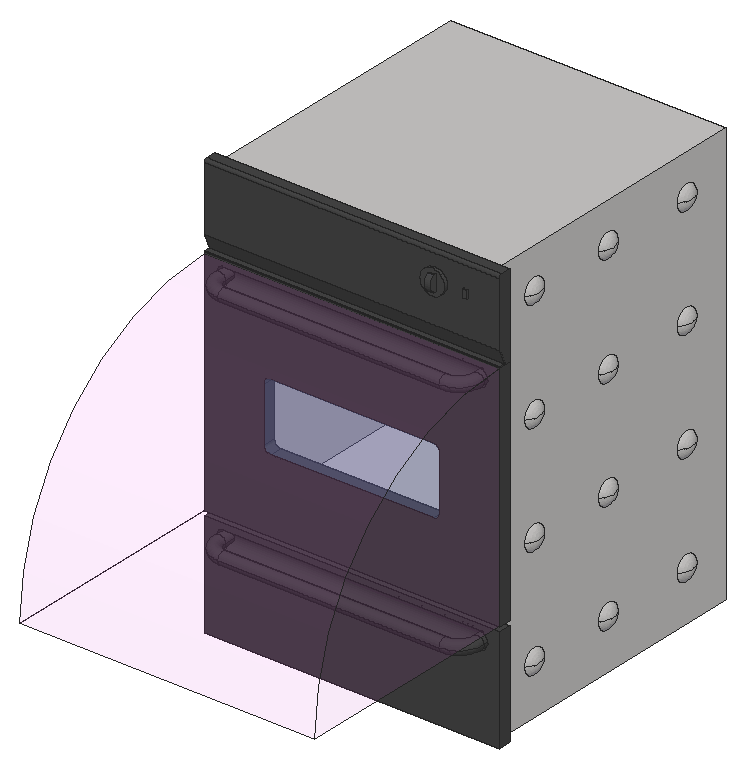
Revit family "QF_Summit_TTM7212KW_Oven", category Specialty Equipment, Revit 2020
Family settings
  Round Connector Dimension = Use Diameter
  Part Type = Normal
  Work Plane-Based = No
  Always vertical = Yes
  Cut with Voids When Loaded = No
  Shared = No
  Room Calculation Point = No
Parameters
  Weight in Pounds = 140
  Watts = if(Phase = 3, Volts * FL Amps * 1.73, Volts * FL Amps)  # 414 W
  Volts = 115 V
  URL Cutsheet = ""
  Specification by User = ""
  Specification by Manufacturer = ""
  Show Clearance [instance] = yes
  Serial Number = ""
  Seismic Rating = ""
  SMACNA No = ""
  Revision Code = ""
  Phase = 1
  Number of Poles = 1
  NAFEM Spec ID Number = ""
  Model = "TTM7212KW"
  Min Ckt Ampacity = 0 A
  Max Overcurrent Protection = 0 A
  Masterspec = ""
  Manufacturer = "Summit"
  Length = 24"
  Item Number = ""
  Installed By = ""
  Identify Quantity as Lot = yes
  Height = 34 1/2"
  HP = ""
  Furnished By = ""
  Foodservice Equipment Identifier = yes
  FL Amps = 3.6 A
  Electrical Remarks = ""
  Electric Connection Type = ""
  Elec Conn RI Height = 0"
  Elec Conn Connection Height = 0"
  Description = "Oven"
  Depth = 24"
  Default Elevation = 0"
  Cycle = 60 Hz
  Conn Plug = ""
  Conn Conduit = yes
  CSI MasterFormat = ""
  Apparent Power = if(Phase = 3, Volts * FL Amps * 1.73, Volts * FL Amps)  # 414 VA
Reference planes (in)
  plane 1 "BACK": y = 0
  plane 2: z = 0
  plane 3 "LEFT": x = 0
  plane 4 "RIGHT": x = 24
  plane 5 "FRONT": y = -24
  plane 6 "TOP": z = 34.875
  plane 7 "Center Y": x = 12
  plane 8 "Center X": y = -12
  plane 9: y = -23
  plane 10: y = -26.375
  plane 11: z = 27.75
  plane 12: z = 8.5
  plane 13: z = 8.875
  plane 14: y = -42.75
  plane 15: z = 34.5
Forms (in)
  Extrusion 1, solid, material "QF_Metal_Stainless_Polished"
    sketch origin (0, 0, 0) x (1, 0, 0) y (0, 1, 0)
      loop
        line (0.8125, 0) -> (0.8125, -23) -> (23.1875, -23) -> (23.1875, 0) -> (0.8125, 0)
    from 0 to 34.375
  Extrusion 2, solid, material "QF_Metal_Black"
    sketch origin (0, -24, 0.125) x (1, 0, 0) y (0, 0, 1)
      loop
        line (0, 8.375) -> (0, -0.125) -> (24, -0.125) -> (24, 8.375) -> (0, 8.375)
      loop
        line (0, 8.75) -> (24, 8.75) -> (24, 27.625) -> (0, 27.625) -> (0, 8.75)
    from 0 to -1
  Extrusion 3, solid, material "QF_Metal_Black"
    sketch origin (0, 0, 0) x (0, 1, 0) y (0, 0, 1)
      loop
        line (-23, 34.5) -> (-23.75, 34.5)
        arc (-23.75, 34.5) -> (-23.92678, 34.42678) -> (-24, 34.25) r 0.25
        line (-24, 34.25) -> (-24, 29) -> (-23.5, 27.79419) -> (-24, 27.79419) -> (-24, 27.75) -> (-23, 27.75) -> (-23, 34.5)
    from 0 to 24
  Revolve 4, void
    sketch origin (0, -0.05469, 26.49744) x (1, 0, 0) y (0, 1, 0)
      loop
        line (1, -24.15625) -> (23, -24.15625) -> (23, -24.00262)
        arc (23, -24.00262) -> (22.82068, -23.56969) -> (22.38775, -23.39037) r 0.61225
        line (22.38775, -23.39037) -> (1.61225, -23.39037)
        arc (1.61225, -23.39037) -> (1.17932, -23.56969) -> (1, -24.00262) r 0.61225
        line (1, -24.00262) -> (1, -24.15625)
      axis (23, -24.15625) -> (1, -24.15625)
    angle from -134.169 to 145.733
  Revolve 5, void
    sketch origin (0, -0.05469, 7.32557) x (1, 0, 0) y (0, 1, 0)
      loop
        line (1, -24.15625) -> (23, -24.15625) -> (23, -24.00262)
        arc (23, -24.00262) -> (22.82068, -23.56969) -> (22.38775, -23.39037) r 0.61225
        line (22.38775, -23.39037) -> (1.61225, -23.39037)
        arc (1.61225, -23.39037) -> (1.17932, -23.56969) -> (1, -24.00262) r 0.61225
        line (1, -24.00262) -> (1, -24.15625)
      axis (23, -24.15625) -> (1, -24.15625)
    angle from -134.169 to 145.733
  Sweep 6, solid, material "QF_Metal_Black"
    path origin (0, 0, 0) x (1, 0, 0) y (0, 1, 0)
      loop
        line (1, -23.5) -> (1, -24.375)
        arc (1, -24.375) -> (1.58579, -25.78921) -> (3, -26.375) r 2
        line (3, -26.375) -> (21, -26.375)
        arc (21, -26.375) -> (22.41421, -25.78921) -> (23, -24.375) r 2
        line (23, -24.375) -> (23, -23.5)
    profile origin (12, -26.375, 0) x (0, 1, 0) y (0, 0, 1)
      loop
        circle (0.5, 26.5) r 0.5
  Sweep 7, solid, material "QF_Metal_Black"
    path origin (0, 0, -19.17187) x (1, 0, 0) y (0, 1, 0)
      loop
        line (1, -23.5) -> (1, -24.375)
        arc (1, -24.375) -> (1.58579, -25.78921) -> (3, -26.375) r 2
        line (3, -26.375) -> (21, -26.375)
        arc (21, -26.375) -> (22.41421, -25.78921) -> (23, -24.375) r 2
        line (23, -24.375) -> (23, -23.5)
    profile origin (12, -26.375, -19.17187) x (0, 1, 0) y (0, 0, 1)
      loop
        circle (0.5, 26.5) r 0.5
  Extrusion 8, solid, material "QF_Plastic_Black_Smooth"
    sketch origin (20.91227, -24, 32.63936) x (0, 0, 1) y (0, -1, 0)
      loop
        line (-0.12746, 0) -> (-0.12746, 0.10905)
        arc (-0.12746, 0.10905) -> (-0.44721, 0.08236) -> (-0.76795, 0.07343) r 5.7865
        line (-0.76795, 0.07343) -> (-0.76795, 0) -> (-0.12746, 0)
    from 0.1968 to 0.4972
  Extrusion 9, solid, material "QF_Plastic_Black_Smooth"
    sketch origin (0, -24, 29) x (0, 0, 1) y (-1, 0, 0)
      loop
        circle (3.25, -18.75) r 1
    from 0 to 0.25
  Extrusion 10, solid, material "QF_Plastic_Black_Smooth"
    sketch origin (-0.04382, 0, 0) x (0, 1, 0) y (0, 0, 1)
      loop
        line (-24.25, 32.91606) -> (-24.40555, 32.91606)
        arc (-24.40555, 32.91606) -> (-24.75, 32.2654) -> (-24.40555, 31.61474) r 0.78677
        line (-24.40555, 31.61474) -> (-24.25, 31.61474) -> (-24.25, 32.91606)
    from 19.04382 to 18.54382
  Revolve 11, solid, material "QF_Metal_Stainless_Polished"
    sketch origin (0, 0, 4.125) x (1, 0, 0) y (0, 1, 0)
      loop
        line (23.1875, -4) -> (23.6875, -4)
        arc (23.6875, -4) -> (23.55162, -3.44294) -> (23.1875, -3) r 1.28845
        line (23.1875, -3) -> (23.1875, -4)
      axis (23.1875, -4) -> (23.6875, -4)
    angle from 0 to 360
  Revolve 12, solid, material "QF_Metal_Stainless_Polished"
    sketch origin (0, 0, 13.125) x (1, 0, 0) y (0, 1, 0)
      loop
        line (23.1875, -4) -> (23.6875, -4)
        arc (23.6875, -4) -> (23.55162, -3.44294) -> (23.1875, -3) r 1.28845
        line (23.1875, -3) -> (23.1875, -4)
      axis (23.1875, -4) -> (23.6875, -4)
    angle from 0 to 360
  Revolve 13, solid, material "QF_Metal_Stainless_Polished"
    sketch origin (0, 0, 22.125) x (1, 0, 0) y (0, 1, 0)
      loop
        line (23.1875, -4) -> (23.6875, -4)
        arc (23.6875, -4) -> (23.55162, -3.44294) -> (23.1875, -3) r 1.28845
        line (23.1875, -3) -> (23.1875, -4)
      axis (23.1875, -4) -> (23.6875, -4)
    angle from 0 to 360
  Revolve 14, solid, material "QF_Metal_Stainless_Polished"
    sketch origin (0, 0, 31.125) x (1, 0, 0) y (0, 1, 0)
      loop
        line (23.1875, -4) -> (23.6875, -4)
        arc (23.6875, -4) -> (23.55162, -3.44294) -> (23.1875, -3) r 1.28845
        line (23.1875, -3) -> (23.1875, -4)
      axis (23.1875, -4) -> (23.6875, -4)
    angle from 0 to 360
  Revolve 15, solid, material "QF_Metal_Stainless_Polished"
    sketch origin (0, -8, 31.125) x (1, 0, 0) y (0, 1, 0)
      loop
        line (23.1875, -4) -> (23.6875, -4)
        arc (23.6875, -4) -> (23.55162, -3.44294) -> (23.1875, -3) r 1.28845
        line (23.1875, -3) -> (23.1875, -4)
      axis (23.1875, -4) -> (23.6875, -4)
    angle from 0 to 360
  Revolve 16, solid, material "QF_Metal_Stainless_Polished"
    sketch origin (0, -15.5, 31.125) x (1, 0, 0) y (0, 1, 0)
      loop
        line (23.1875, -4) -> (23.6875, -4)
        arc (23.6875, -4) -> (23.55162, -3.44294) -> (23.1875, -3) r 1.28845
        line (23.1875, -3) -> (23.1875, -4)
      axis (23.1875, -4) -> (23.6875, -4)
    angle from 0 to 360
  Revolve 17, solid, material "QF_Metal_Stainless_Polished"
    sketch origin (0, -8, 4.125) x (1, 0, 0) y (0, 1, 0)
      loop
        line (23.1875, -4) -> (23.6875, -4)
        arc (23.6875, -4) -> (23.55162, -3.44294) -> (23.1875, -3) r 1.28845
        line (23.1875, -3) -> (23.1875, -4)
      axis (23.1875, -4) -> (23.6875, -4)
    angle from 0 to 360
  Revolve 18, solid, material "QF_Metal_Stainless_Polished"
    sketch origin (0, -8, 13.125) x (1, 0, 0) y (0, 1, 0)
      loop
        line (23.1875, -4) -> (23.6875, -4)
        arc (23.6875, -4) -> (23.55162, -3.44294) -> (23.1875, -3) r 1.28845
        line (23.1875, -3) -> (23.1875, -4)
      axis (23.1875, -4) -> (23.6875, -4)
    angle from 0 to 360
  Revolve 19, solid, material "QF_Metal_Stainless_Polished"
    sketch origin (0, -8, 22.125) x (1, 0, 0) y (0, 1, 0)
      loop
        line (23.1875, -4) -> (23.6875, -4)
        arc (23.6875, -4) -> (23.55162, -3.44294) -> (23.1875, -3) r 1.28845
        line (23.1875, -3) -> (23.1875, -4)
      axis (23.1875, -4) -> (23.6875, -4)
    angle from 0 to 360
  Revolve 20, solid, material "QF_Metal_Stainless_Polished"
    sketch origin (0, -15.5, 4.125) x (1, 0, 0) y (0, 1, 0)
      loop
        line (23.1875, -4) -> (23.6875, -4)
        arc (23.6875, -4) -> (23.55162, -3.44294) -> (23.1875, -3) r 1.28845
        line (23.1875, -3) -> (23.1875, -4)
      axis (23.1875, -4) -> (23.6875, -4)
    angle from 0 to 360
  Revolve 21, solid, material "QF_Metal_Stainless_Polished"
    sketch origin (0, -15.5, 13.125) x (1, 0, 0) y (0, 1, 0)
      loop
        line (23.1875, -4) -> (23.6875, -4)
        arc (23.6875, -4) -> (23.55162, -3.44294) -> (23.1875, -3) r 1.28845
        line (23.1875, -3) -> (23.1875, -4)
      axis (23.1875, -4) -> (23.6875, -4)
    angle from 0 to 360
  Revolve 22, solid, material "QF_Metal_Stainless_Polished"
    sketch origin (0, -15.5, 22.125) x (1, 0, 0) y (0, 1, 0)
      loop
        line (23.1875, -4) -> (23.6875, -4)
        arc (23.6875, -4) -> (23.55162, -3.44294) -> (23.1875, -3) r 1.28845
        line (23.1875, -3) -> (23.1875, -4)
      axis (23.1875, -4) -> (23.6875, -4)
    angle from 0 to 360
  Revolve 23, solid, material "QF_Metal_Stainless_Polished"
    sketch origin (24, 0, 4.125) x (-1, 0, 0) y (0, -1, 0)
      loop
        line (23.1875, 4) -> (23.1875, 3)
        arc (23.1875, 3) -> (23.55162, 3.44294) -> (23.6875, 4) r 1.28845
        line (23.6875, 4) -> (23.1875, 4)
      axis (23.1875, 4) -> (23.6875, 4)
    angle from 0 to 360
  Revolve 24, solid, material "QF_Metal_Stainless_Polished"
    sketch origin (24, 0, 13.125) x (-1, 0, 0) y (0, -1, 0)
      loop
        line (23.1875, 4) -> (23.1875, 3)
        arc (23.1875, 3) -> (23.55162, 3.44294) -> (23.6875, 4) r 1.28845
        line (23.6875, 4) -> (23.1875, 4)
      axis (23.1875, 4) -> (23.6875, 4)
    angle from 0 to 360
  Revolve 25, solid, material "QF_Metal_Stainless_Polished"
    sketch origin (24, 0, 22.125) x (-1, 0, 0) y (0, -1, 0)
      loop
        line (23.1875, 4) -> (23.1875, 3)
        arc (23.1875, 3) -> (23.55162, 3.44294) -> (23.6875, 4) r 1.28845
        line (23.6875, 4) -> (23.1875, 4)
      axis (23.1875, 4) -> (23.6875, 4)
    angle from 0 to 360
  Revolve 26, solid, material "QF_Metal_Stainless_Polished"
    sketch origin (24, 0, 31.125) x (-1, 0, 0) y (0, -1, 0)
      loop
        line (23.1875, 4) -> (23.1875, 3)
        arc (23.1875, 3) -> (23.55162, 3.44294) -> (23.6875, 4) r 1.28845
        line (23.6875, 4) -> (23.1875, 4)
      axis (23.1875, 4) -> (23.6875, 4)
    angle from 0 to 360
  Revolve 27, solid, material "QF_Metal_Stainless_Polished"
    sketch origin (24, -8, 31.125) x (-1, 0, 0) y (0, -1, 0)
      loop
        line (23.1875, 4) -> (23.1875, 3)
        arc (23.1875, 3) -> (23.55162, 3.44294) -> (23.6875, 4) r 1.28845
        line (23.6875, 4) -> (23.1875, 4)
      axis (23.1875, 4) -> (23.6875, 4)
    angle from 0 to 360
  Revolve 28, solid, material "QF_Metal_Stainless_Polished"
    sketch origin (24, -15.5, 31.125) x (-1, 0, 0) y (0, -1, 0)
      loop
        line (23.1875, 4) -> (23.1875, 3)
        arc (23.1875, 3) -> (23.55162, 3.44294) -> (23.6875, 4) r 1.28845
        line (23.6875, 4) -> (23.1875, 4)
      axis (23.1875, 4) -> (23.6875, 4)
    angle from 0 to 360
  Revolve 29, solid, material "QF_Metal_Stainless_Polished"
    sketch origin (24, -8, 4.125) x (-1, 0, 0) y (0, -1, 0)
      loop
        line (23.1875, 4) -> (23.1875, 3)
        arc (23.1875, 3) -> (23.55162, 3.44294) -> (23.6875, 4) r 1.28845
        line (23.6875, 4) -> (23.1875, 4)
      axis (23.1875, 4) -> (23.6875, 4)
    angle from 0 to 360
  Revolve 30, solid, material "QF_Metal_Stainless_Polished"
    sketch origin (24, -8, 13.125) x (-1, 0, 0) y (0, -1, 0)
      loop
        line (23.1875, 4) -> (23.1875, 3)
        arc (23.1875, 3) -> (23.55162, 3.44294) -> (23.6875, 4) r 1.28845
        line (23.6875, 4) -> (23.1875, 4)
      axis (23.1875, 4) -> (23.6875, 4)
    angle from 0 to 360
  Revolve 31, solid, material "QF_Metal_Stainless_Polished"
    sketch origin (24, -8, 22.125) x (-1, 0, 0) y (0, -1, 0)
      loop
        line (23.1875, 4) -> (23.1875, 3)
        arc (23.1875, 3) -> (23.55162, 3.44294) -> (23.6875, 4) r 1.28845
        line (23.6875, 4) -> (23.1875, 4)
      axis (23.1875, 4) -> (23.6875, 4)
    angle from 0 to 360
  Revolve 32, solid, material "QF_Metal_Stainless_Polished"
    sketch origin (24, -15.5, 4.125) x (-1, 0, 0) y (0, -1, 0)
      loop
        line (23.1875, 4) -> (23.1875, 3)
        arc (23.1875, 3) -> (23.55162, 3.44294) -> (23.6875, 4) r 1.28845
        line (23.6875, 4) -> (23.1875, 4)
      axis (23.1875, 4) -> (23.6875, 4)
    angle from 0 to 360
  Revolve 33, solid, material "QF_Metal_Stainless_Polished"
    sketch origin (24, -15.5, 13.125) x (-1, 0, 0) y (0, -1, 0)
      loop
        line (23.1875, 4) -> (23.1875, 3)
        arc (23.1875, 3) -> (23.55162, 3.44294) -> (23.6875, 4) r 1.28845
        line (23.6875, 4) -> (23.1875, 4)
      axis (23.1875, 4) -> (23.6875, 4)
    angle from 0 to 360
  Revolve 34, solid, material "QF_Metal_Stainless_Polished"
    sketch origin (24, -15.5, 22.125) x (-1, 0, 0) y (0, -1, 0)
      loop
        line (23.1875, 4) -> (23.1875, 3)
        arc (23.1875, 3) -> (23.55162, 3.44294) -> (23.6875, 4) r 1.28845
        line (23.6875, 4) -> (23.1875, 4)
      axis (23.1875, 4) -> (23.6875, 4)
    angle from 0 to 360
  Extrusion 35, solid, material "QF_Metal_Stainless_Polished"
    sketch origin (0.8125, 0, 0) x (1, 0, 0) y (0, 0, -1)
      loop
        circle (11.1875, -33.47209) r 0.25
    from 0 to 0.0625
  Extrusion 36, void
    sketch origin (0, -24, 0.125) x (1, 0, 0) y (0, 0, 1)
      loop
        arc (19.125, 19.75) -> (18.97855, 20.10355) -> (18.625, 20.25) r 0.5
        line (18.625, 20.25) -> (5.375, 20.25)
        arc (5.375, 20.25) -> (5.02145, 20.10355) -> (4.875, 19.75) r 0.5
        line (4.875, 19.75) -> (4.875, 15.25)
        arc (4.875, 15.25) -> (5.02145, 14.89645) -> (5.375, 14.75) r 0.5
        line (5.375, 14.75) -> (18.625, 14.75)
        arc (18.625, 14.75) -> (18.97855, 14.89645) -> (19.125, 15.25) r 0.5
        line (19.125, 15.25) -> (19.125, 19.75)
    from 0.5311 to -1
  Extrusion 37, solid, material "Glass"
    sketch origin (0, -24, 0.125) x (1, 0, 0) y (0, 0, 1)
      loop
        arc (4.875, 15.25) -> (5.02145, 14.89645) -> (5.375, 14.75) r 0.5
        line (5.375, 14.75) -> (18.625, 14.75)
        arc (18.625, 14.75) -> (18.97855, 14.89645) -> (19.125, 15.25) r 0.5
        line (19.125, 15.25) -> (19.125, 19.75)
        arc (19.125, 19.75) -> (18.97855, 20.10355) -> (18.625, 20.25) r 0.5
        line (18.625, 20.25) -> (5.375, 20.25)
        arc (5.375, 20.25) -> (5.02145, 20.10355) -> (4.875, 19.75) r 0.5
        line (4.875, 19.75) -> (4.875, 15.25)
    from 0 to -1
  Extrusion 38, void
    sketch origin (0, 0, 0) x (1, 0, 0) y (0, 1, 0)
      loop
        line (2, -24.83785) -> (22, -24.83785) -> (22, -5) -> (2, -5) -> (2, -24.83785)
    from 8.875 to 27
  Extrusion 39, solid, material "QF_Clearances_Door_Drawer", visible <- "Show Clearance"
    sketch origin (0, 0, 0) x (0, 1, 0) y (0, 0, 1)
      loop
        line (-42.75, 8.875) -> (-24, 8.875) -> (-24, 27.625)
        arc (-24, 27.625) -> (-37.25825, 22.13325) -> (-42.75, 8.875) r 18.75
    from 0 to 24
Cuts and joins
  Revolve 4, Revolve 5, Extrusion 36 cuts Extrusion 2
  Extrusion 38 cuts Extrusion 1
Lines and regions (in)
  Split face 1
    outline origin (0, -24, 29) x (0, 0, 1) y (-1, 0, 0)
      loop
        arc (4.875, -1.25) -> (4.72855, -0.89645) -> (4.375, -0.75) r 0.5
        line (4.375, -0.75) -> (2.29419, -0.75)
        arc (2.29419, -0.75) -> (1.94064, -0.89645) -> (1.79419, -1.25) r 0.5
        line (1.79419, -1.25) -> (1.79419, -9)
        arc (1.79419, -9) -> (1.94064, -9.35355) -> (2.29419, -9.5) r 0.5
        line (2.29419, -9.5) -> (4.375, -9.5)
        arc (4.375, -9.5) -> (4.72855, -9.35355) -> (4.875, -9) r 0.5
        line (4.875, -9) -> (4.875, -1.25)
  Split face 2
    outline origin (0, -24, 29) x (0, 0, 1) y (-1, 0, 0)
      loop
        line (4.6875, -9) -> (4.6875, -1.25)
        arc (4.6875, -1.25) -> (4.59597, -1.02903) -> (4.375, -0.9375) r 0.3125
        line (4.375, -0.9375) -> (2.29419, -0.9375)
        arc (2.29419, -0.9375) -> (2.07322, -1.02903) -> (1.98169, -1.25) r 0.3125
        line (1.98169, -1.25) -> (1.98169, -9)
        arc (1.98169, -9) -> (2.07322, -9.22097) -> (2.29419, -9.3125) r 0.3125
        line (2.29419, -9.3125) -> (4.375, -9.3125)
        arc (4.375, -9.3125) -> (4.59597, -9.22097) -> (4.6875, -9) r 0.3125
  Split face 3
    outline origin (0, -24, 29) x (0, 0, 1) y (-1, 0, 0)
      loop
        arc (4.875, -10.54922) -> (4.72855, -10.19566) -> (4.375, -10.04922) r 0.5
        line (4.375, -10.04922) -> (2.29419, -10.04922)
        arc (2.29419, -10.04922) -> (1.94064, -10.19566) -> (1.79419, -10.54922) r 0.5
        line (1.79419, -10.54922) -> (1.79419, -22.6875)
        arc (1.79419, -22.6875) -> (1.94064, -23.04105) -> (2.29419, -23.1875) r 0.5
        line (2.29419, -23.1875) -> (4.375, -23.1875)
        arc (4.375, -23.1875) -> (4.72855, -23.04105) -> (4.875, -22.6875) r 0.5
        line (4.875, -22.6875) -> (4.875, -10.54922)
  Split face 4
    outline origin (0, -24, 29) x (0, 0, 1) y (-1, 0, 0)
      loop
        line (4.6875, -22.6875) -> (4.6875, -10.54922)
        arc (4.6875, -10.54922) -> (4.59597, -10.32825) -> (4.375, -10.23672) r 0.3125
        line (4.375, -10.23672) -> (2.29419, -10.23672)
        arc (2.29419, -10.23672) -> (2.07322, -10.32825) -> (1.98169, -10.54922) r 0.3125
        line (1.98169, -10.54922) -> (1.98169, -22.6875)
        arc (1.98169, -22.6875) -> (2.07322, -22.90847) -> (2.29419, -23) r 0.3125
        line (2.29419, -23) -> (4.375, -23)
        arc (4.375, -23) -> (4.59597, -22.90847) -> (4.6875, -22.6875) r 0.3125
  Split face 5
    outline origin (0, -24, 29) x (0, 0, 1) y (-1, 0, 0)
      loop
        line (3.61107, -3.77672) -> (2.86107, -3.77772) -> (2.86107, -6.76604) -> (3.61107, -6.76604) -> (3.61107, -3.77672)
  Split face 6
    outline origin (0, -24, 29) x (0, 0, 1) y (-1, 0, 0)
      loop
        arc (3.76732, -7.26422) -> (3.75267, -7.22887) -> (3.71732, -7.21422) r 0.05
        line (3.71732, -7.21422) -> (3.31732, -7.21422)
        arc (3.31732, -7.21422) -> (3.28196, -7.22887) -> (3.26732, -7.26422) r 0.05
        line (3.26732, -7.26422) -> (3.26732, -7.78922)
        arc (3.26732, -7.78922) -> (3.28196, -7.82458) -> (3.31732, -7.83922) r 0.05
        line (3.31732, -7.83922) -> (3.71732, -7.83922)
        arc (3.71732, -7.83922) -> (3.75267, -7.82458) -> (3.76732, -7.78922) r 0.05
        line (3.76732, -7.78922) -> (3.76732, -7.26422)
  Split face 7
    outline origin (0, -24, 29) x (0, 0, 1) y (-1, 0, 0)
      loop
        arc (3.20482, -7.26422) -> (3.19017, -7.22887) -> (3.15482, -7.21422) r 0.05
        line (3.15482, -7.21422) -> (2.75482, -7.21422)
        arc (2.75482, -7.21422) -> (2.71946, -7.22887) -> (2.70482, -7.26422) r 0.05
        line (2.70482, -7.26422) -> (2.70482, -7.78922)
        arc (2.70482, -7.78922) -> (2.71946, -7.82458) -> (2.75482, -7.83922) r 0.05
        line (2.75482, -7.83922) -> (3.15482, -7.83922)
        arc (3.15482, -7.83922) -> (3.19017, -7.82458) -> (3.20482, -7.78922) r 0.05
        line (3.20482, -7.78922) -> (3.20482, -7.26422)
  Split face 8
    outline origin (0, -24, 29) x (0, 0, 1) y (-1, 0, 0)
      loop
        line (3.76732, -3.28922) -> (3.76732, -2.76422)
        arc (3.76732, -2.76422) -> (3.75267, -2.72887) -> (3.71732, -2.71422) r 0.05
        line (3.71732, -2.71422) -> (3.31732, -2.71422)
        arc (3.31732, -2.71422) -> (3.28196, -2.72887) -> (3.26732, -2.76422) r 0.05
        line (3.26732, -2.76422) -> (3.26732, -3.28922)
        arc (3.26732, -3.28922) -> (3.28196, -3.32458) -> (3.31732, -3.33922) r 0.05
        line (3.31732, -3.33922) -> (3.71732, -3.33922)
        arc (3.71732, -3.33922) -> (3.75267, -3.32458) -> (3.76732, -3.28922) r 0.05
  Split face 9
    outline origin (0, -24, 29) x (0, 0, 1) y (-1, 0, 0)
      loop
        line (3.20482, -3.28922) -> (3.20482, -2.76422)
        arc (3.20482, -2.76422) -> (3.19017, -2.72887) -> (3.15482, -2.71422) r 0.05
        line (3.15482, -2.71422) -> (2.75482, -2.71422)
        arc (2.75482, -2.71422) -> (2.71946, -2.72887) -> (2.70482, -2.76422) r 0.05
        line (2.70482, -2.76422) -> (2.70482, -3.28922)
        arc (2.70482, -3.28922) -> (2.71946, -3.32458) -> (2.75482, -3.33922) r 0.05
        line (2.75482, -3.33922) -> (3.15482, -3.33922)
        arc (3.15482, -3.33922) -> (3.19017, -3.32458) -> (3.20482, -3.28922) r 0.05
  Split face 10
    outline origin (0, -24, 28.99886) x (0, 0, 1) y (-1, 0, 0)
      loop
        line (2.81005, -21.04657) -> (2.81005, -21.47197) -> (3.57418, -21.47197) -> (3.57418, -21.04657) -> (2.81005, -21.04657)
  Split face 11
    outline origin (0, -24, 29) x (0, 0, 1) y (-1, 0, 0)
      loop
        circle (3.35208, -16.21465) r 0.25
  Split face 12
    outline origin (0, -24, 29) x (0, 0, 1) y (-1, 0, 0)
      loop
        line (3.86007, -2.52672) -> (2.61107, -2.52672) -> (2.61107, -8.02672) -> (3.86007, -8.02572) -> (3.86007, -2.52672)
  Split face 13
    outline origin (0, -24, 29) x (0, 0, 1) y (-1, 0, 0)
      loop
        line (2.76785, -11.07996) -> (2.76785, -15.07996) -> (3.66458, -15.07996) -> (3.66458, -11.07996) -> (2.76785, -11.07996)
  Split face 14
    outline origin (0, -24, 29) x (0, 0, 1) y (-1, 0, 0)
      loop
        line (3.70482, -3.27672) -> (3.70482, -2.77672) -> (3.32982, -2.77672) -> (3.32982, -3.27672) -> (3.70482, -3.27672)
  Split face 15
    outline origin (0, -24, 29) x (0, 0, 1) y (-1, 0, 0)
      loop
        line (2.76732, -3.27672) -> (3.14232, -3.27672) -> (3.14232, -2.77672) -> (2.76732, -2.77672) -> (2.76732, -3.27672)
  Split face 16
    outline origin (0, -24, 29) x (0, 0, 1) y (-1, 0, 0)
      loop
        line (3.70482, -7.27672) -> (3.32982, -7.27672) -> (3.32982, -7.77672) -> (3.70482, -7.77672) -> (3.70482, -7.27672)
  Split face 17
    outline origin (0, -24, 29) x (0, 0, 1) y (-1, 0, 0)
      loop
        line (3.14232, -7.27672) -> (2.76732, -7.27672) -> (2.76732, -7.77672) -> (3.14232, -7.77672) -> (3.14232, -7.27672)
  symbolic lines
    curve 1: line (0, -24, 27) -> (0, -24, 26)
    curve 2: line (0.8125, 0, 0) -> (23.1875, 0, 0)
    curve 3: line (0.8125, -23, 0) -> (0.8125, 0, 0)
    curve 4: line (24, -23, 0) -> (0, -23, 0)
    curve 5: line (23.1875, 0, 0) -> (23.1875, -23, 0)
    curve 6: line (0, -23, 0) -> (0, -24, 0)
    curve 7: line (0, -24, 0) -> (24, -24, 0)
    curve 8: line (24, -24, 0) -> (24, -23, 0)
    curve 9: line (21.10907, -24, 0) -> (21.10907, -24.10905, 0)
    curve 10: line (21.10907, -24.10905, 0) -> (21.40947, -24.10905, 0)
    curve 11: line (21.40947, -24.10905, 0) -> (21.40947, -24, 0)
    curve 12: line (19.74618, -24.25, 0) -> (17.74618, -24.25, 0)
    curve 13: line (17.74618, -24.25, 0) -> (17.74618, -24, 0)
    curve 14: line (19.74618, -24.25, 0) -> (19.74618, -24, 0)
    curve 15: line (18.5, -24.25, 0) -> (18.5, -24.75, 0)
    curve 16: line (18.5, -24.75, 0) -> (19, -24.75, 0)
    curve 17: line (19, -24.75, 0) -> (19, -24.25, 0)
    curve 18: line (2.99288, -26.375, 0) -> (21.00712, -26.375, 0)
    curve 19: line (1, -24, 0) -> (1, -24.38212, 0)
    curve 20: arc (1, -24.38212, 0) -> (1.5837, -25.7913, 0) -> (2.99288, -26.375, 0) r 1.99288
    curve 21: line (2, -24, 0) -> (2, -24.375, 0)
    curve 22: line (3, -25.375, 0) -> (21, -25.375, 0)
    curve 23: arc (2, -24.375, 0) -> (2.29289, -25.0821, 0) -> (3, -25.375, 0) r 1
    curve 24: line (23, -24, 0) -> (23, -24.38212, 0)
    curve 25: arc (23, -24.38212, 0) -> (22.4163, -25.7913, 0) -> (21.00712, -26.375, 0) r 1.99288
    curve 26: line (22, -24, 0) -> (22, -24.375, 0)
    curve 27: arc (22, -24.375, 0) -> (21.70711, -25.0821, 0) -> (21, -25.375, 0) r 1
    curve 28: arc (23.1875, -3.00968, 0) -> (23.69024, -4.00968, 0) -> (23.1875, -5.00968, 0) r 1.24593
    curve 29: arc (23.1875, -11, 0) -> (23.69024, -12, 0) -> (23.1875, -13, 0) r 1.24593
    curve 30: arc (23.1875, -18.5, 0) -> (23.69024, -19.5, 0) -> (23.1875, -20.5, 0) r 1.24593
    curve 31: arc (0.8125, -3.00968, 0) -> (0.30976, -4.00968, 0) -> (0.8125, -5.00968, 0) r 1.24593
    curve 32: arc (0.8125, -11, 0) -> (0.30976, -12, 0) -> (0.8125, -13, 0) r 1.24593
    curve 33: arc (0.8125, -18.5, 0) -> (0.30976, -19.5, 0) -> (0.8125, -20.5, 0) r 1.24593
  symbolic lines, style "QF_Clearances_Door_Drawer", visible <- "Show Clearance"
    curve 34: line (0, -24, 0) -> (0, -42.75, 0)
    curve 35: line (0, -42.75, 0) -> (24, -42.75, 0)
    curve 36: line (24, -42.75, 0) -> (24, -24, 0)
Dimensions and locks (in)
  equal spacing: plane 3 "LEFT", plane 7 "Center Y", plane 4 "RIGHT"
  "Length": plane 3 "LEFT" to plane 4 "RIGHT"
  equal spacing: plane 5 "FRONT", plane 8 "Center X", plane 1 "BACK"
  "Depth": plane 5 "FRONT" to plane 1 "BACK"
  plane 6 "TOP" to level = 34 7/8"
  plane 9 to plane 1 "BACK" = 23"
  plane 10 to plane 5 "FRONT" = 2 3/8"
  plane 11 to level = 27 3/4"
  plane 12 to level = 8 1/2"
  plane 11 to plane 13 = 18 7/8"
  plane 14 to plane 1 "BACK" = 42 3/4"
  plane 9 to plane 5 "FRONT" = 1"
  cut or joined group of Extrusion 1, Extrusion 38 to cut or joined group of Extrusion 1, Extrusion 38 = 22 3/8"
  "Height": plane 15 to plane 2
  aligned and locked: level to plane 2
Automatic sketch dimensions
  curve 1 to plane 5 "FRONT" = 0"
  curve 1 to plane 11 = 1 3/4"
  curve 1 to plane 11 = 3/4"
  Extrusion 1 sketch curve to plane 9 = 0"
  plane 1 "BACK" to Extrusion 1 sketch curve = 0"
  plane 4 "RIGHT" to Extrusion 1 sketch curve = 13/16"
  Extrusion 2 sketch curve to plane 3 "LEFT" = 0"  (x2)
  plane 4 "RIGHT" to Extrusion 2 sketch curve = 0"  (x2)
  Extrusion 2 sketch curve to level = 0"
  Extrusion 2 sketch curve to plane 12 = 0"
  Extrusion 2 sketch curve to plane 13 = 0"
  Extrusion 2 sketch curve to plane 11 = 0"
  plane 5 "FRONT" to Revolve 4 sketch curve = 0.0573"
  plane 4 "RIGHT" to Revolve 4 sketch curve = 1.61225"
  Revolve 4 sketch curve to Revolve 4 sketch curve = 0.61225"  (x2)
  Revolve 4 sketch curve to Revolve 4 sketch curve = 0.15363"
  plane 5 "FRONT" to Revolve 4 sketch curve = 27/128"
  Revolve 4 sketch curve to plane 3 "LEFT" = 1 1/4"
  plane 5 "FRONT" to Revolve 5 sketch curve = 0.0573"
  plane 4 "RIGHT" to Revolve 5 sketch curve = 1.61225"
  Revolve 5 sketch curve to Revolve 5 sketch curve = 0.61225"  (x2)
  Revolve 5 sketch curve to Revolve 5 sketch curve = 0.15363"
  plane 5 "FRONT" to Revolve 5 sketch curve = 27/128"
  Revolve 5 sketch curve to plane 3 "LEFT" = 1 1/4"
  Sweep 6 sketch curve to plane 10 = 0"
  plane 5 "FRONT" to Sweep 6 sketch curve = 3/8"  (x2)
  plane 4 "RIGHT" to Sweep 6 sketch curve = 3"
  Sweep 6 sketch curve to plane 5 "FRONT" = 1/2"  (x2)
  Sweep 6 sketch curve to profile plane = 1/2"
  level to Sweep 6 sketch curve = 26 1/2"
  Sweep 7 sketch curve to plane 10 = 0"
  plane 5 "FRONT" to Sweep 7 sketch curve = 3/8"  (x2)
  plane 4 "RIGHT" to Sweep 7 sketch curve = 3"
  Sweep 7 sketch curve to plane 5 "FRONT" = 1/2"  (x2)
  Sweep 7 sketch curve to profile plane = 1/2"
  profile plane to Sweep 7 sketch curve = 26 1/2"
  Split face 1 sketch curve to Extrusion 3 = 1.79419"
  Split face 1 sketch curve to Split face 1 sketch curve = 1/2"  (x3)
  Split face 1 sketch curve to Extrusion 3 = 9 1/2"
  Split face 1 sketch curve to Extrusion 3 = 1 1/4"
  Split face 2 sketch curve to Extrusion 3 = 1.98169"
  Split face 2 sketch curve to Split face 2 sketch curve = 5/16"  (x3)
  Split face 2 sketch curve to Extrusion 3 = 9 5/16"
  Split face 2 sketch curve to Extrusion 3 = 1 1/4"
  Split face 3 sketch curve to Extrusion 3 = 1.79419"
  Split face 3 sketch curve to Split face 3 sketch curve = 1/2"  (x3)
  Split face 3 sketch curve to Extrusion 3 = 13/16"
  Split face 3 sketch curve to Extrusion 3 = 10.54922"
  Split face 4 sketch curve to Extrusion 3 = 1.98169"
  Split face 4 sketch curve to Split face 4 sketch curve = 5/16"  (x3)
  Split face 4 sketch curve to Extrusion 3 = 1"
  Split face 4 sketch curve to Extrusion 3 = 10.54922"
  Split face 5 sketch curve to Split face 5 sketch curve = 3/4"
  Split face 5 sketch curve to Extrusion 3 = 6.76604"
  Split face 5 sketch curve to Split face 5 sketch curve = 2.98832"
  Extrusion 8 sketch curve to plane 5 "FRONT" = 0"
  Extrusion 8 sketch curve to Extrusion 8 sketch curve = 0.6405"
  plane 5 "FRONT" to Extrusion 8 sketch curve = 0.07343"
  Extrusion 8 sketch curve to Extrusion 8 sketch curve = 0.10905"
  Split face 10 sketch curve to Extrusion 3 = 2.80891"
  Split face 10 sketch curve to Split face 10 sketch curve = 0.76413"
  Split face 10 sketch curve to Extrusion 3 = 2.52803"
  Split face 10 sketch curve to Split face 10 sketch curve = 0.4254"
  Extrusion 3 to Extrusion 9 sketch curve = 5 1/4"
  plane 5 "FRONT" to Extrusion 10 sketch curve = 0.40555"  (x2)
  Extrusion 10 sketch curve to Extrusion 10 sketch curve = 0.15555"
  Extrusion 10 sketch curve to plane 5 "FRONT" = 0.03677"
  Extrusion 10 sketch curve to Extrusion 10 sketch curve = 0.65066"
  Split face 11 sketch curve to Extrusion 3 = 7.78535"
  plane 4 "RIGHT" to Revolve 11 sketch curve = 1.60081"
  Revolve 11 sketch curve to Revolve 11 sketch curve = 0.78831"
  plane 4 "RIGHT" to Revolve 11 sketch curve = 5/16"
  plane 1 "BACK" to Revolve 11 sketch curve = 4.01915"
  Revolve 11 sketch curve to Revolve 11 sketch curve = 0.01915"
  Revolve 11 sketch curve to Revolve 11 sketch curve = 0"  (x2)
  Revolve 11 sketch curve to plane 4 "RIGHT" = 1 11/16"
  plane 4 "RIGHT" to Revolve 12 sketch curve = 1.60081"
  Revolve 12 sketch curve to Revolve 12 sketch curve = 0.78831"
  plane 4 "RIGHT" to Revolve 12 sketch curve = 5/16"
  plane 1 "BACK" to Revolve 12 sketch curve = 4.01915"
  Revolve 12 sketch curve to Revolve 12 sketch curve = 0.01915"
  Revolve 12 sketch curve to Revolve 12 sketch curve = 0"  (x2)
  Revolve 12 sketch curve to plane 4 "RIGHT" = 1 11/16"
  plane 4 "RIGHT" to Revolve 13 sketch curve = 1.60081"
  Revolve 13 sketch curve to Revolve 13 sketch curve = 0.78831"
  plane 4 "RIGHT" to Revolve 13 sketch curve = 5/16"
  plane 1 "BACK" to Revolve 13 sketch curve = 4.01915"
  Revolve 13 sketch curve to Revolve 13 sketch curve = 0.01915"
  Revolve 13 sketch curve to Revolve 13 sketch curve = 0"  (x2)
  Revolve 13 sketch curve to plane 4 "RIGHT" = 1 11/16"
  plane 4 "RIGHT" to Revolve 14 sketch curve = 1.60081"
  Revolve 14 sketch curve to Revolve 14 sketch curve = 0.78831"
  plane 4 "RIGHT" to Revolve 14 sketch curve = 5/16"
  plane 1 "BACK" to Revolve 14 sketch curve = 4.01915"
  Revolve 14 sketch curve to Revolve 14 sketch curve = 0.01915"
  Revolve 14 sketch curve to Revolve 14 sketch curve = 0"  (x2)
  Revolve 14 sketch curve to plane 4 "RIGHT" = 1 11/16"
  Revolve 15 sketch curve to plane 8 "Center X" = 0"  (x2)
  Revolve 15 sketch curve to plane 8 "Center X" = 0.01915"
  plane 4 "RIGHT" to Revolve 15 sketch curve = 1.60081"
  Revolve 15 sketch curve to Revolve 15 sketch curve = 0.78831"
  plane 4 "RIGHT" to Revolve 15 sketch curve = 5/16"
  Revolve 15 sketch curve to Revolve 15 sketch curve = 0"
  Revolve 15 sketch curve to plane 4 "RIGHT" = 1 11/16"
  plane 4 "RIGHT" to Revolve 16 sketch curve = 1.60081"
  Revolve 16 sketch curve to Revolve 16 sketch curve = 0.78831"
  plane 4 "RIGHT" to Revolve 16 sketch curve = 5/16"
  plane 9 to Revolve 16 sketch curve = 3.48085"
  Revolve 16 sketch curve to Revolve 16 sketch curve = 0.01915"
  Revolve 16 sketch curve to Revolve 16 sketch curve = 0"  (x2)
  Revolve 16 sketch curve to plane 4 "RIGHT" = 1 11/16"
  Revolve 17 sketch curve to plane 8 "Center X" = 0"  (x2)
  Revolve 17 sketch curve to plane 8 "Center X" = 0.01915"
  plane 4 "RIGHT" to Revolve 17 sketch curve = 1.60081"
  Revolve 17 sketch curve to Revolve 17 sketch curve = 0.78831"
  plane 4 "RIGHT" to Revolve 17 sketch curve = 5/16"
  Revolve 17 sketch curve to Revolve 17 sketch curve = 0"
  Revolve 17 sketch curve to plane 4 "RIGHT" = 1 11/16"
  Revolve 18 sketch curve to plane 8 "Center X" = 0"  (x2)
  Revolve 18 sketch curve to plane 8 "Center X" = 0.01915"
  plane 4 "RIGHT" to Revolve 18 sketch curve = 1.60081"
  Revolve 18 sketch curve to Revolve 18 sketch curve = 0.78831"
  plane 4 "RIGHT" to Revolve 18 sketch curve = 5/16"
  Revolve 18 sketch curve to Revolve 18 sketch curve = 0"
  Revolve 18 sketch curve to plane 4 "RIGHT" = 1 11/16"
  Revolve 19 sketch curve to plane 8 "Center X" = 0"  (x2)
  Revolve 19 sketch curve to plane 8 "Center X" = 0.01915"
  plane 4 "RIGHT" to Revolve 19 sketch curve = 1.60081"
  Revolve 19 sketch curve to Revolve 19 sketch curve = 0.78831"
  plane 4 "RIGHT" to Revolve 19 sketch curve = 5/16"
  Revolve 19 sketch curve to Revolve 19 sketch curve = 0"
  Revolve 19 sketch curve to plane 4 "RIGHT" = 1 11/16"
  plane 4 "RIGHT" to Revolve 20 sketch curve = 1.60081"
  Revolve 20 sketch curve to Revolve 20 sketch curve = 0.78831"
  plane 4 "RIGHT" to Revolve 20 sketch curve = 5/16"
  plane 9 to Revolve 20 sketch curve = 3.48085"
  Revolve 20 sketch curve to Revolve 20 sketch curve = 0.01915"
  Revolve 20 sketch curve to Revolve 20 sketch curve = 0"  (x2)
  Revolve 20 sketch curve to plane 4 "RIGHT" = 1 11/16"
  plane 4 "RIGHT" to Revolve 21 sketch curve = 1.60081"
  Revolve 21 sketch curve to Revolve 21 sketch curve = 0.78831"
  plane 4 "RIGHT" to Revolve 21 sketch curve = 5/16"
  plane 9 to Revolve 21 sketch curve = 3.48085"
  Revolve 21 sketch curve to Revolve 21 sketch curve = 0.01915"
  Revolve 21 sketch curve to Revolve 21 sketch curve = 0"  (x2)
  Revolve 21 sketch curve to plane 4 "RIGHT" = 1 11/16"
  plane 4 "RIGHT" to Revolve 22 sketch curve = 1.60081"
  Revolve 22 sketch curve to Revolve 22 sketch curve = 0.78831"
  plane 4 "RIGHT" to Revolve 22 sketch curve = 5/16"
  plane 9 to Revolve 22 sketch curve = 3.48085"
  Revolve 22 sketch curve to Revolve 22 sketch curve = 0.01915"
  Revolve 22 sketch curve to Revolve 22 sketch curve = 0"  (x2)
  Revolve 22 sketch curve to plane 4 "RIGHT" = 1 11/16"
  plane 3 "LEFT" to Revolve 23 sketch curve = 5/16"
  plane 1 "BACK" to Revolve 23 sketch curve = 3"
  Revolve 23 sketch curve to Revolve 23 sketch curve = 1"
  Revolve 23 sketch curve to Revolve 23 sketch curve = 0"  (x2)
  Revolve 23 sketch curve to plane 3 "LEFT" = 1 11/16"
  plane 3 "LEFT" to Revolve 24 sketch curve = 5/16"
  plane 1 "BACK" to Revolve 24 sketch curve = 3"
  Revolve 24 sketch curve to Revolve 24 sketch curve = 1"
  Revolve 24 sketch curve to Revolve 24 sketch curve = 0"  (x2)
  Revolve 24 sketch curve to plane 3 "LEFT" = 1 11/16"
  plane 3 "LEFT" to Revolve 25 sketch curve = 5/16"
  plane 1 "BACK" to Revolve 25 sketch curve = 3"
  Revolve 25 sketch curve to Revolve 25 sketch curve = 1"
  Revolve 25 sketch curve to Revolve 25 sketch curve = 0"  (x2)
  Revolve 25 sketch curve to plane 3 "LEFT" = 1 11/16"
  plane 3 "LEFT" to Revolve 26 sketch curve = 5/16"
  plane 1 "BACK" to Revolve 26 sketch curve = 3"
  Revolve 26 sketch curve to Revolve 26 sketch curve = 1"
  Revolve 26 sketch curve to Revolve 26 sketch curve = 0"  (x2)
  Revolve 26 sketch curve to plane 3 "LEFT" = 1 11/16"
  Revolve 27 sketch curve to plane 8 "Center X" = 0"  (x2)
  Revolve 27 sketch curve to plane 8 "Center X" = 0.01915"
  plane 3 "LEFT" to Revolve 27 sketch curve = 5/16"
  Revolve 27 sketch curve to Revolve 27 sketch curve = 0"
  Revolve 27 sketch curve to plane 3 "LEFT" = 1 11/16"
  plane 3 "LEFT" to Revolve 28 sketch curve = 5/16"
  plane 9 to Revolve 28 sketch curve = 4 1/2"
  Revolve 28 sketch curve to Revolve 28 sketch curve = 1"
  Revolve 28 sketch curve to Revolve 28 sketch curve = 0"  (x2)
  Revolve 28 sketch curve to plane 3 "LEFT" = 1 11/16"
  Revolve 29 sketch curve to plane 8 "Center X" = 0"  (x2)
  Revolve 29 sketch curve to plane 8 "Center X" = 0.01915"
  plane 3 "LEFT" to Revolve 29 sketch curve = 5/16"
  Revolve 29 sketch curve to Revolve 29 sketch curve = 0"
  Revolve 29 sketch curve to plane 3 "LEFT" = 1 11/16"
  Revolve 30 sketch curve to plane 8 "Center X" = 0"  (x2)
  Revolve 30 sketch curve to plane 8 "Center X" = 0.01915"
  plane 3 "LEFT" to Revolve 30 sketch curve = 5/16"
  Revolve 30 sketch curve to Revolve 30 sketch curve = 0"
  Revolve 30 sketch curve to plane 3 "LEFT" = 1 11/16"
  Revolve 31 sketch curve to plane 8 "Center X" = 0"  (x2)
  Revolve 31 sketch curve to plane 8 "Center X" = 0.01915"
  plane 3 "LEFT" to Revolve 31 sketch curve = 5/16"
  Revolve 31 sketch curve to Revolve 31 sketch curve = 0"
  Revolve 31 sketch curve to plane 3 "LEFT" = 1 11/16"
  plane 3 "LEFT" to Revolve 32 sketch curve = 5/16"
  plane 9 to Revolve 32 sketch curve = 4 1/2"
  Revolve 32 sketch curve to Revolve 32 sketch curve = 1"
  Revolve 32 sketch curve to Revolve 32 sketch curve = 0"  (x2)
  Revolve 32 sketch curve to plane 3 "LEFT" = 1 11/16"
  plane 3 "LEFT" to Revolve 33 sketch curve = 5/16"
  plane 9 to Revolve 33 sketch curve = 4 1/2"
  Revolve 33 sketch curve to Revolve 33 sketch curve = 1"
  Revolve 33 sketch curve to Revolve 33 sketch curve = 0"  (x2)
  Revolve 33 sketch curve to plane 3 "LEFT" = 1 11/16"
  plane 3 "LEFT" to Revolve 34 sketch curve = 5/16"
  plane 9 to Revolve 34 sketch curve = 4 1/2"
  Revolve 34 sketch curve to Revolve 34 sketch curve = 1"
  Revolve 34 sketch curve to Revolve 34 sketch curve = 0"  (x2)
  Revolve 34 sketch curve to plane 3 "LEFT" = 1 11/16"
  Extrusion 1 to Extrusion 35 sketch curve = 0.90291"
  Extrusion 35 sketch curve to Extrusion 1 = 11 3/16"
  Extrusion 37 sketch curve to Extrusion 2 = 4 7/8"
  Extrusion 37 sketch curve to Extrusion 37 sketch curve = 1/2"  (x3)
  Extrusion 37 sketch curve to Extrusion 2 = 5 3/8"
  Extrusion 37 sketch curve to Extrusion 37 sketch curve = 0"
  Extrusion 37 sketch curve to Extrusion 2 = 6"
  Extrusion 37 sketch curve to Extrusion 37 sketch curve = 4 1/2"
  Extrusion 38 sketch curve to plane 9 = 1.83785"
  plane 4 "RIGHT" to Extrusion 38 sketch curve = 2"
  plane 1 "BACK" to Extrusion 38 sketch curve = 5"
  Extrusion 8 sketch curve to plane 6 "TOP" = 3.00359"
  Extrusion 8 sketch curve to plane 6 "TOP" = 3.00417"
  Extrusion 10 sketch curve to plane 6 "TOP" = 3.26026"
  plane 3 "LEFT" to Extrusion 1 sketch curve = 13/16"
  plane 3 "LEFT" to Revolve 4 sketch curve = 1"
  Revolve 4 sketch curve to Revolve 4 sketch curve = 0"
  plane 3 "LEFT" to Revolve 5 sketch curve = 1"
  Revolve 5 sketch curve to Revolve 5 sketch curve = 0"
  plane 3 "LEFT" to Sweep 6 sketch curve = 3"
  plane 3 "LEFT" to Sweep 7 sketch curve = 3"
  Revolve 23 sketch curve to Revolve 23 sketch curve = 1/2"
  Revolve 23 sketch curve to Revolve 23 sketch curve = 0.78831"
  Revolve 24 sketch curve to Revolve 24 sketch curve = 1/2"
  Revolve 24 sketch curve to Revolve 24 sketch curve = 0.78831"
  Revolve 25 sketch curve to Revolve 25 sketch curve = 1/2"
  Revolve 25 sketch curve to Revolve 25 sketch curve = 0.78831"
  Revolve 26 sketch curve to Revolve 26 sketch curve = 1/2"
  Revolve 26 sketch curve to Revolve 26 sketch curve = 0.78831"
  Revolve 27 sketch curve to Revolve 27 sketch curve = 1/2"
  Revolve 27 sketch curve to Revolve 27 sketch curve = 0.78831"
  Revolve 28 sketch curve to Revolve 28 sketch curve = 1/2"
  Revolve 28 sketch curve to Revolve 28 sketch curve = 0.78831"
  Revolve 29 sketch curve to Revolve 29 sketch curve = 1/2"
  Revolve 29 sketch curve to Revolve 29 sketch curve = 0.78831"
  Revolve 30 sketch curve to Revolve 30 sketch curve = 1/2"
  Revolve 30 sketch curve to Revolve 30 sketch curve = 0.78831"
  Revolve 31 sketch curve to Revolve 31 sketch curve = 1/2"
  Revolve 31 sketch curve to Revolve 31 sketch curve = 0.78831"
  Revolve 32 sketch curve to Revolve 32 sketch curve = 1/2"
  Revolve 32 sketch curve to Revolve 32 sketch curve = 0.78831"
  Revolve 33 sketch curve to Revolve 33 sketch curve = 1/2"
  Revolve 33 sketch curve to Revolve 33 sketch curve = 0.78831"
  Revolve 34 sketch curve to Revolve 34 sketch curve = 1/2"
  Revolve 34 sketch curve to Revolve 34 sketch curve = 0.78831"
  plane 3 "LEFT" to Extrusion 38 sketch curve = 2"
  Extrusion 39 sketch curve to plane 14 = 0"
  Extrusion 39 sketch curve to plane 5 "FRONT" = 0"
  Extrusion 39 sketch curve to plane 13 = 0"
  curve 4 to plane 3 "LEFT" = 0"
  plane 1 "BACK" to curve 3 = 0"
  curve 3 to plane 9 = 0"
  plane 5 "FRONT" to curve 19 = 0"
  curve 32 to plane 8 "Center X" = 0"
  curve 18 to plane 10 = 0"
  curve 29 to plane 8 "Center X" = 0"
  plane 3 "LEFT" to curve 3 = 13/16"
  plane 5 "FRONT" to curve 19 = 0.38212"
  plane 3 "LEFT" to curve 19 = 1"
  curve 31 to curve 31 = 0.74319"
  curve 32 to curve 32 = 0.74319"
  curve 33 to curve 33 = 0.74319"
  plane 5 "FRONT" to curve 21 = 3/8"
  curve 21 to curve 20 = 0.99288"
  curve 20 to curve 22 = 0.00712"
  plane 5 "FRONT" to curve 12 = 1/4"
  plane 7 "Center Y" to curve 12 = 5.74618"
  curve 12 to curve 15 = 0.75382"
  curve 15 to curve 16 = 1/2"
  curve 17 to curve 14 = 0.74618"
  plane 5 "FRONT" to curve 10 = 0.10905"
  curve 12 to curve 10 = 1.36288"
  curve 22 to curve 9 = 0.10907"
  curve 22 to curve 18 = 0.00712"
  curve 9 to curve 11 = 0.3004"
  plane 5 "FRONT" to curve 26 = 3/8"
  plane 4 "RIGHT" to curve 28 = 1.55569"
  plane 4 "RIGHT" to curve 29 = 1.55569"
  plane 4 "RIGHT" to curve 30 = 1.55569"
  plane 5 "FRONT" to curve 24 = 0.38212"
  plane 4 "RIGHT" to curve 2 = 13/16"
  curve 16 to curve 17 = 1/2"
  plane 9 to curve 33 = 3 1/2"
  plane 9 to curve 30 = 3 1/2"
  plane 1 "BACK" to curve 28 = 4.00968"
  plane 1 "BACK" to curve 31 = 4.00968"
  curve 33 to curve 33 = 1"
  curve 30 to curve 30 = 1"
  curve 32 to plane 8 "Center X" = 1"
  curve 29 to plane 8 "Center X" = 1"
  curve 31 to curve 31 = 1"
  curve 28 to curve 28 = 1"
  curve 34 to plane 14 = 0"
  curve 35 to plane 4 "RIGHT" = 0"
  Split face 12 sketch curve to Extrusion 3 = 2.61107"
  Split face 12 sketch curve to Split face 12 sketch curve = 1.249"
  Split face 12 sketch curve to Extrusion 3 = 8.02572"
  Split face 12 sketch curve to Extrusion 3 = 2.52672"
  Split face 13 sketch curve to Extrusion 3 = 8.92004"
  Split face 13 sketch curve to Split face 13 sketch curve = 0.89673"
  Split face 13 sketch curve to Split face 13 sketch curve = 4"
  Split face 5 sketch curve to Split face 5 sketch curve = 0.001"
  Split face 6 sketch curve to Split face 6 sketch curve = 0.05"  (x4)
  Split face 6 sketch curve to Split face 6 sketch curve = 0.4"
  Split face 6 sketch curve to Extrusion 3 = 7.83922"
  Split face 6 sketch curve to Split face 6 sketch curve = 0.525"
  Split face 7 sketch curve to Extrusion 3 = 2.70482"
  Split face 7 sketch curve to Split face 7 sketch curve = 0.05"  (x3)
  Split face 7 sketch curve to Split face 7 sketch curve = 0.4"  (x2)
  Split face 7 sketch curve to Extrusion 3 = 7.83922"
  Split face 7 sketch curve to Split face 7 sketch curve = 0.525"
  Split face 8 sketch curve to Split face 8 sketch curve = 0.05"  (x3)
  Split face 8 sketch curve to Split face 8 sketch curve = 0.4"  (x2)
  Split face 8 sketch curve to Extrusion 3 = 3.33922"
  Split face 8 sketch curve to Split face 8 sketch curve = 0.525"
  Split face 9 sketch curve to Extrusion 3 = 2.70482"
  Split face 9 sketch curve to Split face 9 sketch curve = 0.05"  (x3)
  Split face 9 sketch curve to Split face 9 sketch curve = 0.4"  (x2)
  Split face 9 sketch curve to Extrusion 3 = 3.33922"
  Split face 9 sketch curve to Split face 9 sketch curve = 0.525"
  Split face 12 sketch curve to Split face 12 sketch curve = 0.001"
  Split face 14 sketch curve to Split face 14 sketch curve = 3/8"
  Split face 14 sketch curve to Extrusion 3 = 3.27672"
  Split face 14 sketch curve to Split face 14 sketch curve = 1/2"
  Split face 15 sketch curve to Extrusion 3 = 2.76732"
  Split face 15 sketch curve to Split face 15 sketch curve = 3/8"
  Split face 15 sketch curve to Extrusion 3 = 3.27672"
  Split face 15 sketch curve to Split face 15 sketch curve = 1/2"
  Split face 16 sketch curve to Split face 16 sketch curve = 3/8"
  Split face 16 sketch curve to Extrusion 3 = 7.77672"
  Split face 16 sketch curve to Split face 16 sketch curve = 1/2"
  Split face 17 sketch curve to Extrusion 3 = 2.76732"
  Split face 17 sketch curve to Split face 17 sketch curve = 3/8"
  Split face 17 sketch curve to Extrusion 3 = 7.77672"
  Split face 17 sketch curve to Split face 17 sketch curve = 1/2"
  Extrusion 36 sketch curve to Extrusion 2 = 4 7/8"
  Extrusion 36 sketch curve to Extrusion 36 sketch curve = 1/2"  (x3)
  Extrusion 36 sketch curve to Extrusion 2 = 5 3/8"
  Extrusion 36 sketch curve to Extrusion 36 sketch curve = 0"
  Extrusion 36 sketch curve to Extrusion 2 = 6"
  Extrusion 36 sketch curve to Extrusion 36 sketch curve = 4 1/2"
  Extrusion 3 sketch curve to plane 5 "FRONT" = 0"  (x2)
  Extrusion 3 sketch curve to plane 15 = 0"
  Extrusion 3 sketch curve to plane 9 = 0"
  Extrusion 3 sketch curve to plane 11 = 0"
  Extrusion 3 sketch curve to Extrusion 3 sketch curve = 1/4"
  plane 11 to Extrusion 3 sketch curve = 0.04419"
  Extrusion 3 sketch curve to Extrusion 3 sketch curve = 1/2"
  Extrusion 3 sketch curve to Extrusion 3 sketch curve = 1.20581"
  Split face 1 sketch curve to Extrusion 3 = 7/8"  (x2)
  Split face 2 sketch curve to Extrusion 3 = 7/8"  (x2)
  Split face 3 sketch curve to Extrusion 3 = 7/8"  (x2)
  Split face 4 sketch curve to Extrusion 3 = 7/8"  (x2)
  Split face 5 sketch curve to Extrusion 3 = 2.38893"
  Split face 6 sketch curve to Extrusion 3 = 1.98268"
  Split face 8 sketch curve to Extrusion 3 = 1.98268"
  Extrusion 9 sketch curve to Extrusion 3 = 2"
  Split face 11 sketch curve to Extrusion 3 = 1.89792"
  Split face 13 sketch curve to Extrusion 3 = 2.48215"
  Split face 14 sketch curve to Extrusion 3 = 1.92018"
  Split face 16 sketch curve to Extrusion 3 = 1.92018"
  radius of Sweep 6 sketch curve = 1/2"
  radius of Sweep 7 sketch curve = 1/2"
  radius of Extrusion 9 sketch curve = 1"
  radius of Split face 11 sketch curve = 1/4"
  radius of Extrusion 35 sketch curve = 1/4"
